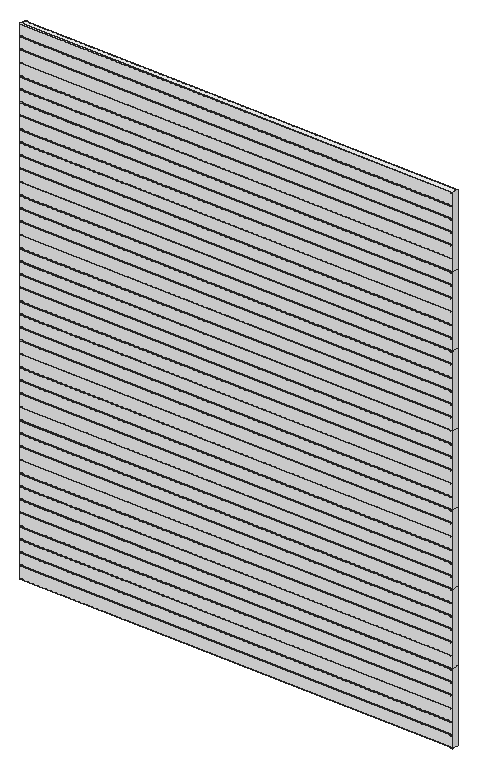
Revit family "3722-1Basic", category Doors, host Wall, Revit 2023
Family settings
  Host = Wall
  OmniClass Number = 23.30.10.17.37.14
  OmniClass Title = Sectional Overhead Doors
  Always vertical = Yes
  Cut with Voids When Loaded = No
  Shared = No
  Room Calculation Point = No
Parameters (values of type "By Type")
  Windload = "Doors available rated for various design pressures; consult Clopay for avaialbility and specifications"
  VisSection6 = NumSections = 6  # no
  VisSection5 = NumSections > 4  # yes
  VisSection4 = NumSections > 3  # yes
  VisSection3 = NumSections > 2  # yes
  VisArray = NumSections > 6  # yes
  URL = "www.clopaydoor.com"
  Track = "Galvanized steel (gauge varies according to door size)"
  Thickness = 0' - 2"  # constant formula
  Spec Wizard = "http://www.arcat.com/specwizard/08360clo/index.htm"
  Section Height = Height / NumSections  # 2' - 0"
  Section 5 Glazing = Section : Solid
  Section 4 Glazing = Section : Solid
  Section 3 Glazing = Section : Solid
  Sales Information = "http://www.clopaydoor.com/where-to-buy.aspx?type=dealer"
  Rough Width = 0' - 0"  # constant formula
  Rough Height = 0' - 0"  # constant formula
  R-Value = "17.2"
  Product Features and Benefits = "http://www.clopaydoor.com/insulated-polyurethane-applications.aspx"
  Overlapping Jamb = yes
  Overlap = if(Overlapping Jamb, 0' 1", 0' 0")  # 0' - 1"
  Opening Width = 12' - 0"
  Opening Height = 14' - 0"
  Omniclass Table = "23-30 10 17 37 "
  NumSectionsNotRounded = Height / 2' 0"  # 7
  NumSections = NumSectionsNotRounded + 0.4999  # 7
  NumArraySections = if(NumSections > 6, NumSections - 5, 2)  # 2
  Model = "3720"
  Maximum Size = "Maximum 32' 2'' wide by 26' 0'' high. Additional limitations may apply do to door weight. Consult Clopay for specificiations and shop drawings."  # constant formula
  Manufacturer Website = "http://www.clopaydoor.com"
  Manufacturer Phone Number = "1-800-526-4301"
  Manufacturer Address = "1400 W. Market St., Troy, OH 45373"
  Manufacturer = "Clopay Building Products Company"
  LEED = "http://products.construction.com/swts_content_files/151607/303186.pdf"
  Keynote = "08 36 13"
  Interior Steel = "28 ga. galvanized, primed, and finish painted"
  Hardware = "14 ga. min. steel hinges; 10-ball steel rollers"
  GreenFormat = "http://www.greenformat.com/products/1536-Polyurethane%20Insulated%20Doors.rtf"
  Function = Interior
  Height = Opening Height + Rough Width * 0  # 14' - 0"
  Wall Closure = By host
  Width = Opening Width + Rough Width * 0  # 12' - 0"
  FloorToSection7 = 6 * Section Height  # 12' - 0"
  FloorToSection6 = 5 * Section Height  # 10' - 0"
  FloorToSection5 = 4 * Section Height  # 8' - 0"
  FloorToSection4 = 3 * Section Height  # 6' - 0"
  FloorToSection3 = 2 * Section Height  # 4' - 0"
  FloorToSection2 = Section Height  # 2' - 0"
  File Revision = "02 (August, 2012)"
  Exterior Steel = "20 ga. galvanized, primed, and finish painted"
  Double End Stiles = Door Width > 14' 2"  # no
  Door Width = Opening Width + Overlap * 2  # 12' - 2"
  Door Height = Opening Height + Rough Width * 0  # 14' - 0"
  Description = "2'' thick polyurethane insulated, stucco embossed 20 gauge steel flush exterior."
  Core Material = "Expanded polyurethane"
  Copyright = "2010, Clopay Building Products Company, Inc."
  Color = White
  CAD and Specifications = "http://www.clopaydoor.com/insulated-polyurethane-specs.aspx"
  Assembly Code = "B2030410"
Reference planes (in)
  plane 1 "Center (Front/Back)": y = 0
  plane 2 "Center (Left/Right)": x = 0
  plane 3 "Left": x = -72
  plane 4 "Right": x = 72
  plane 5 "Top": z = 168
  plane 6 "Exterior": y = 3
  plane 7 "Interior": y = -3
  plane 8: z = 120
  plane 9: z = 144
Lines and regions (in)
  Opening 1
    outline origin (-90, -3, 0) x (1, 0, 0) y (0, 0, 1)
      loop
        line (18, 0) -> (162, 0) -> (162, 168) -> (18, 168) -> (18, 0)
Text (in)
  text "Exterior" at (-74.96733, 27.31104, 0), in view "Ref. Level"
  text "Interior" at (-74.96733, -25.14366, 0), in view "Ref. Level"
  text "Exterior" at (0, 40.15149, 123.01588), in view "Right"
  text "Interior" at (0, -64.39139, 123.01588), in view "Right"
  text "Interior" at (0, -31.01599, 123.00693), in view "Left"
  text "Exterior" at (0, 54.57065, 123.00693), in view "Left"
Dimensions and locks (in)
  equal spacing: plane 3 "Left", plane 2 "Center (Left/Right)", plane 4 "Right"
  "Height": level to plane 5 "Top"
  "Width": plane 3 "Left" to plane 4 "Right"
  host wall to plane 5 "Top" = 14' - 0"
  nested 1 to plane 7 "Interior" = 0' - 0 1/2"
  "FloorToSection6": plane 8 to level
  "FloorToSection7": plane 9 to level
  group 1 to group 2 = 0' - 0"  (x2)
  group 1 to group 2 = 2' - 0"
  host wall to host wall = 67' - 6"
  aligned and locked: plane 3 "Left" to Opening 1 sketch curve
  aligned and locked: plane 5 "Top" to Opening 1 sketch curve  (x2)
  aligned and locked: Opening 1 sketch curve to plane 4 "Right"
  aligned and locked: Opening 1 sketch curve to level
  aligned and locked: plane 6 "Exterior" to host wall
  aligned and locked: host wall to plane 7 "Interior"
  aligned and locked: plane 2 "Center (Left/Right)" to nested 2
  aligned and locked: plane 2 "Center (Left/Right)" to nested 3
  aligned and locked: plane 2 "Center (Left/Right)" to nested 4
  aligned and locked: plane 2 "Center (Left/Right)" to nested 5
  aligned and locked: plane 2 "Center (Left/Right)" to nested 7
  aligned and locked: nested 7 to plane 8
  aligned and locked: nested 8 to plane 9
  aligned and locked: plane 7 "Interior" to nested 2
  aligned and locked: plane 7 "Interior" to nested 7
  aligned and locked: host wall to nested 8
  aligned and locked: plane 7 "Interior" to nested 3
  aligned and locked: host wall to nested 3
  aligned and locked: plane 7 "Interior" to nested 1
  aligned and locked: nested 2 to host wall
  aligned and locked: plane 7 "Interior" to nested 6
  aligned and locked: plane 7 "Interior" to nested 5
  aligned and locked: host wall to nested 7
  aligned and locked: plane 7 "Interior" to nested 4
Nested families (in)
  nested 1: "Section" at (0, 0, 0), type "Solid"
  nested 2: "Section" at (0, 0, 24), built-in parameter 1001364 <- "Section Height", type "Solid"
  nested 3: "Section" at (0, 0, 48), type <- "Section 3 Glazing", built-in parameter 1001364 <- "FloorToSection3", visible <- "VisSection3", type "Solid"
  nested 4: "Section" at (0, 0, 120), built-in parameter 1001364 <- "FloorToSection6", visible <- "VisSection6", type "Solid"
  nested 5: "Section" at (0, 0, 96), built-in parameter 1001364 <- "FloorToSection5", type <- "Section 5 Glazing", visible <- "VisSection5", type "Solid"
  nested 6: "Section" at (0, 0, 72), type <- "Section 4 Glazing", built-in parameter 1001364 <- "FloorToSection4", visible <- "VisSection4", type "Solid"
  nested 7: "Section" at (0, 0, 120), visible <- "VisArray", type "Solid"
  nested 8: "Section" at (0, 0, 144), visible <- "VisArray", type "Solid"
Definition of nested family "Section"
  Parameters
    X9 = if(if(NumArrayedWindows < NumWindows, NumArrayedWindows + 1, NumWindows) < 9, X1, X8 + 3' 8")  # 1' - 5 1/2"
    X8 = if(if(NumArrayedWindows < NumWindows, NumArrayedWindows + 1, NumWindows) < 8, X1, X7 + 3' 8")  # 1' - 5 1/2"
    X7 = if(if(NumArrayedWindows < NumWindows, NumArrayedWindows + 1, NumWindows) < 7, X1, X6 + 3' 8")  # 1' - 5 1/2"
    X6 = if(if(NumArrayedWindows < NumWindows, NumArrayedWindows + 1, NumWindows) < 6, X1, X5 + 3' 8")  # 1' - 5 1/2"
    X5 = if(if(NumArrayedWindows < NumWindows, NumArrayedWindows + 1, NumWindows) < 5, X1, X4 + 3' 8")  # 1' - 5 1/2"
    X4 = if(if(NumArrayedWindows < NumWindows, NumArrayedWindows + 1, NumWindows) < 4, X1, X3 + 3' 8")  # 1' - 5 1/2"
    X3 = if(NumWindows < 3, X1, X2 + 3' 8")  # 8' - 9 1/2"
    X2 = if(NumWindows < 2, ((Door Width - (NumWindows - 1) * 3' 8") / 2 - Cutout Width / 2), ((Door Width - (NumWindows - 1) * 3' 8") / 2 - Cutout Width / 2) + 3' 8")  # 5' - 1 1/2"
    WindowVis = no
    WindowCutDepth = -0' - 0 13/128"
    Section Height = 2' - 0"
    RibSpacing = Section Height / (NumRibs + 1)  # 0' - 4"
    NumWindows = if(Door Width < 9' 4", 2, if(Door Width < 13' 4", 3, if(Door Width < 16' 4", 4, if(Door Width < 20' 4", 5, if(Door Width < 24' 4", 6, if(Door Width < 26' 4", 7, if(Door Width < 31' 8", 8, 10)))))))  # 3
    NumRibs = if(Section Height < 1' 9", 3, if(Section Height < 2' 0", 4, 5))  # 5
    NumArrayedWindows = if(X2 = X1, NumWindows - 2, NumWindows)  # 3
    Half Section Height = Section Height / 2  # 1' - 0"
    Half Door Width Neg = -Half Door Width  # -6' - 1"
    Half Door Width = Door Width / 2  # 6' - 1"
    Half Cutout Height = Cutout Height / 2  # 0' - 3 1/2"
    Function = (empty or 0)
    Height = 0' - 0"
    Wall Closure = (empty or 0)
    Width = 0' - 0"
    X1 = if(or(Door Width > 31' 6", and(Door Width > 26' 2", Door Width < 28' 1"), Door Width = 24' 3", Door Width = 24' 4", and(Door Width > 20' 2", Door Width < 20' 11"), and(Door Width > 16' 2", Door Width < 17' 3")), X2, (Door Width - (NumWindows - 1) * 3' 8") / 2 - Cutout Width / 2)  # 1' - 5 1/2"
    Door Width = 12' - 2"
    CutoutToCutout = 1' - 0"
    Cutout Width = 1' - 11"
    Cutout Height = 0' - 7"
    Color = none
    BtmTo1stRib = RibSpacing  # 0' - 4"
    Assembly Code = ""
  Reference planes (in)
    plane 1 "Center (Front/Back)": y = 0
    plane 2 "Center (Left/Right)": x = 0
    plane 3 "Exterior": y = 3
    plane 4 "Interior": y = -3
    plane 5: y = -3.5
    plane 6: x = 73
    plane 7: x = -73
    plane 8: z = 4
    plane 9: z = 8
    plane 10: z = 24
    plane 11: z = 12
    plane 12: z = 0
  Forms (in)
    Extrusion 1, solid, material <- "Color"
      sketch origin (-73, -12, 83.08252) x (0, 0, 1) y (0, -1, 0)
        loop
          line (-59.08252, -8.37573) -> (-59.08252, -6.62444)
          arc (-59.08252, -6.62444) -> (-59.11897, -6.53645) -> (-59.20696, -6.5) r 0.12444
          line (-59.20696, -6.5) -> (-82.95809, -6.5)
          arc (-82.95809, -6.5) -> (-83.04608, -6.53645) -> (-83.08252, -6.62444) r 0.12444
          line (-83.08252, -6.62444) -> (-83.08252, -8.37573)
          arc (-83.08252, -8.37573) -> (-83.04612, -8.4636) -> (-82.95825, -8.5) r 0.12427
          line (-82.95825, -8.5) -> (-59.20679, -8.5)
          arc (-59.20679, -8.5) -> (-59.11892, -8.4636) -> (-59.08252, -8.37573) r 0.12427
      from 0 to 146 <- "Door Width"
    Extrusion 2, void
      sketch origin (0, -8.99984, -0.5) x (0, 1, 0) y (0, 0, -1)
        loop
          line (3.5, -4.62727) -> (3.53032, -4.58058)
          arc (3.53032, -4.58058) -> (3.53753, -4.56494) -> (3.54, -4.5479) r 0.06
          line (3.54, -4.5479) -> (3.54, -4.4521)
          arc (3.54, -4.4521) -> (3.53753, -4.43506) -> (3.53032, -4.41942) r 0.06
          line (3.53032, -4.41942) -> (3.5, -4.37273) -> (3.5, -4.62727)
      from -73 <- "Half Door Width Neg" to 146 <- "Door Width"
    Extrusion 3, void
      sketch origin (0, -8.99984, 3.5) x (0, 1, 0) y (0, 0, -1)
        loop
          line (3.5, -4.62727) -> (3.53032, -4.58058)
          arc (3.53032, -4.58058) -> (3.53753, -4.56494) -> (3.54, -4.5479) r 0.06
          line (3.54, -4.5479) -> (3.54, -4.4521)
          arc (3.54, -4.4521) -> (3.53753, -4.43506) -> (3.53032, -4.41942) r 0.06
          line (3.53032, -4.41942) -> (3.5, -4.37273) -> (3.5, -4.62727)
      from -73 <- "Half Door Width Neg" to 146 <- "Door Width"
    Extrusion 4, void
      sketch origin (0, -8.99984, 7.5) x (0, 1, 0) y (0, 0, -1)
        loop
          line (3.5, -4.62727) -> (3.53032, -4.58058)
          arc (3.53032, -4.58058) -> (3.53753, -4.56494) -> (3.54, -4.5479) r 0.06
          line (3.54, -4.5479) -> (3.54, -4.4521)
          arc (3.54, -4.4521) -> (3.53753, -4.43506) -> (3.53032, -4.41942) r 0.06
          line (3.53032, -4.41942) -> (3.5, -4.37273) -> (3.5, -4.62727)
      from -73 <- "Half Door Width Neg" to 146 <- "Door Width"
    Extrusion 5, void
      sketch origin (0, -8.99984, 11.5) x (0, 1, 0) y (0, 0, -1)
        loop
          line (3.5, -4.62727) -> (3.53032, -4.58058)
          arc (3.53032, -4.58058) -> (3.53753, -4.56494) -> (3.54, -4.5479) r 0.06
          line (3.54, -4.5479) -> (3.54, -4.4521)
          arc (3.54, -4.4521) -> (3.53753, -4.43506) -> (3.53032, -4.41942) r 0.06
          line (3.53032, -4.41942) -> (3.5, -4.37273) -> (3.5, -4.62727)
      from -73 <- "Half Door Width Neg" to 146 <- "Door Width"
    Extrusion 6, void
      sketch origin (0, -8.99984, 15.5) x (0, 1, 0) y (0, 0, -1)
        loop
          line (3.5, -4.62727) -> (3.53032, -4.58058)
          arc (3.53032, -4.58058) -> (3.53753, -4.56494) -> (3.54, -4.5479) r 0.06
          line (3.54, -4.5479) -> (3.54, -4.4521)
          arc (3.54, -4.4521) -> (3.53753, -4.43506) -> (3.53032, -4.41942) r 0.06
          line (3.53032, -4.41942) -> (3.5, -4.37273) -> (3.5, -4.62727)
      from -73 <- "Half Door Width Neg" to 146 <- "Door Width"
  Cuts and joins
    Extrusion 2, Extrusion 3, Extrusion 4, Extrusion 5, Extrusion 6 cuts Extrusion 1
  Lines and regions (in)
    reference lines
      curve 1: line (-72, -5.45984, 4) -> (-72, -5.49984, 4)
      curve 2: line (-72, -5.45984, 4) -> (-72, -5.49984, 4)
      curve 3: line (-72, -5.45984, 8) -> (-72, -5.49984, 8)
      curve 4: line (-72, -5.45984, 12) -> (-72, -5.49984, 12)
      curve 5: line (-72, -5.45984, 16) -> (-72, -5.49984, 16)
      curve 6: line (-72, -5.45984, 20) -> (-72, -5.49984, 20)
  Text (in)
    text "Exterior" at (-74.96733, 27.31104, 0), in view "Ref. Level"
    text "Interior" at (-74.96733, -25.14366, 0), in view "Ref. Level"
    text "Exterior" at (0, 40.15149, 123.01588), in view "Right"
    text "Interior" at (0, -64.39139, 123.01588), in view "Right"
    text "Interior" at (0, -31.01599, 123.00693), in view "Left"
    text "Exterior" at (0, 54.57065, 123.00693), in view "Left"
  Dimensions and locks (in)
    plane 4 "Interior" to plane 5 = 0' - 0 1/2"
    "Half Door Width": plane 2 "Center (Left/Right)" to plane 7
    "Half Door Width": plane 6 to plane 2 "Center (Left/Right)"
    Extrusion 1 sketch curve to Extrusion 1 sketch curve = 0' - 2"
    "BtmTo1stRib": plane 8 to level
    "RibSpacing": plane 9 to plane 8
    "Section Height": plane 10 to level
    Extrusion 2 sketch curve to Extrusion 2 sketch curve = 0' - 0.25454"
    Extrusion 2 sketch curve to Extrusion 2 sketch curve = 0' - 0.04"  (x2)
    Extrusion 2 sketch curve to curve 2 = 0' - 0.12727"
    "Half Section Height": level to plane 11
    locked: plane 4 "Interior" to cut or joined group of Extrusion 1, Extrusion 2, Extrusion 3, Extrusion 4, Extrusion 5, Extrusion 6 at 0.5
    Extrusion 3 sketch curve to Extrusion 3 sketch curve = 0' - 0.25454"
    Extrusion 3 sketch curve to Extrusion 3 sketch curve = 0' - 0.04"  (x2)
    Extrusion 3 sketch curve to curve 3 = 0' - 0.12727"
    equal spacing: group 1, group 2, group 3, group 4, group 5  (x3)
    Extrusion 4 sketch curve to Extrusion 4 sketch curve = 0' - 0.25454"
    Extrusion 4 sketch curve to Extrusion 4 sketch curve = 0' - 0.04"  (x2)
    Extrusion 4 sketch curve to curve 4 = 0' - 0.12727"
    Extrusion 5 sketch curve to Extrusion 5 sketch curve = 0' - 0.25454"
    Extrusion 5 sketch curve to Extrusion 5 sketch curve = 0' - 0.04"  (x2)
    Extrusion 5 sketch curve to curve 5 = 0' - 0.12727"
    Extrusion 6 sketch curve to Extrusion 6 sketch curve = 0' - 0.25454"
    Extrusion 6 sketch curve to Extrusion 6 sketch curve = 0' - 0.04"  (x2)
    Extrusion 6 sketch curve to curve 6 = 0' - 0.12727"
    radius of Extrusion 1 sketch curve = 0' - 0.12427"  (x2)
    radius of Extrusion 1 sketch curve = 0' - 0.12444"  (x2)
    angle Extrusion 2 sketch curve to Extrusion 2 sketch curve = 147.00°  (x2)
    angle Extrusion 3 sketch curve to Extrusion 3 sketch curve = 147.00°  (x2)
    angle Extrusion 4 sketch curve to Extrusion 4 sketch curve = 147.00°  (x2)
    angle Extrusion 5 sketch curve to Extrusion 5 sketch curve = 147.00°  (x2)
    angle Extrusion 6 sketch curve to Extrusion 6 sketch curve = 147.00°  (x2)
    aligned and locked: Extrusion 1 sketch curve to plane 5
    aligned: cut or joined group of Extrusion 1, Extrusion 2, Extrusion 3, Extrusion 4, Extrusion 5, Extrusion 6 to cut or joined group of Extrusion 1, Extrusion 2, Extrusion 3, Extrusion 4, Extrusion 5, Extrusion 6  (x9)
    aligned and locked: plane 12 to level
    aligned and locked: curve 3 to plane 9
    aligned and locked: curve 2 to plane 8
  Automatic sketch dimensions
    curve 1 to curve 1 = 0' - 0.04"  (x2)
    curve 2 to curve 2 = 0' - 0.04"
    Extrusion 2 sketch curve to Extrusion 2 sketch curve = 0' - 0"
    Extrusion 2 sketch curve to Extrusion 2 sketch curve = 0' - 0.02"
    Extrusion 2 sketch curve to Extrusion 2 sketch curve = 0' - 0.00968"  (x2)
    curve 1 to plane 8 = 0' - 0"
    Extrusion 1 sketch curve to plane 10 = 0' - 0"
    Extrusion 1 sketch curve to level = 0' - 0"
    curve 1 to plane 5 = 0' - 1.95984"
    Extrusion 3 sketch curve to Extrusion 3 sketch curve = 0' - 0"
    Extrusion 3 sketch curve to Extrusion 3 sketch curve = 0' - 0.02"
    Extrusion 3 sketch curve to Extrusion 3 sketch curve = 0' - 0.00968"  (x2)
    Extrusion 4 sketch curve to Extrusion 4 sketch curve = 0' - 0"
    Extrusion 4 sketch curve to Extrusion 4 sketch curve = 0' - 0.02"
    Extrusion 4 sketch curve to Extrusion 4 sketch curve = 0' - 0.00968"  (x2)
    Extrusion 5 sketch curve to Extrusion 5 sketch curve = 0' - 0"
    Extrusion 5 sketch curve to Extrusion 5 sketch curve = 0' - 0.02"
    Extrusion 5 sketch curve to Extrusion 5 sketch curve = 0' - 0.00968"  (x2)
    Extrusion 6 sketch curve to Extrusion 6 sketch curve = 0' - 0"
    Extrusion 6 sketch curve to Extrusion 6 sketch curve = 0' - 0.02"
    Extrusion 6 sketch curve to Extrusion 6 sketch curve = 0' - 0.00968"  (x2)
